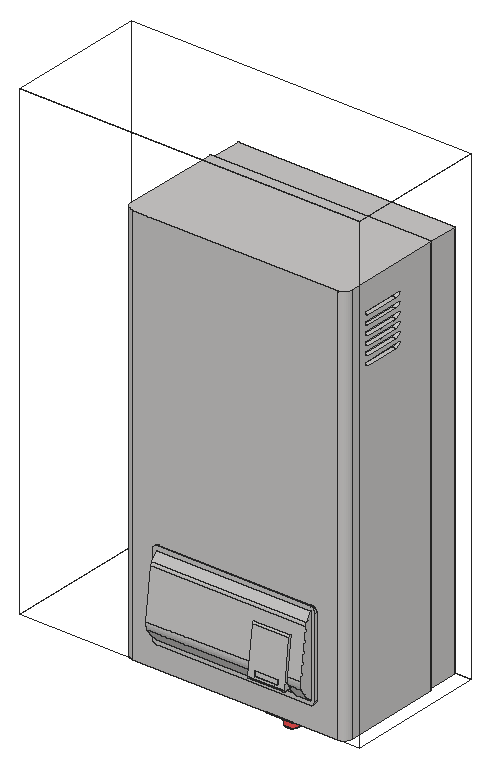
Revit family "Specialty Equipment_Boiling Unit_Zip_On-Wall_Hydroboil", category Specialty Equipment, Revit 2015
Parameters (values of type "7.5 Litre Stainless Steel")
  URL = "https://www.zipwater.com/"
  Type Comments = "7.5 Litre Stainless Steel"
  Required Space = yes
  ModifiedIssue_ANZRS = 20170718  # constant formula
  Model = "Hydroboil - 7.5 Litre Stainless Steel"
  Manufacturer_URL__Product Specific = "https://www.zipwater.com/shop/on-wall-boiling/hydroboil-7-5-litre-stainless-steel-307061"
  Manufacturer_Spec Code = "307061"
  Manufacturer_Overall Width = 318 mm
  Manufacturer_Overall Height = 578 mm
  Manufacturer_Overall Depth = 201 mm
  Manufacturer_Height From FFL [instance] = 900 mm
  Manufacturer = "Zip Australia"  # constant formula
  Body Material = z_Zip_Stainless Steel
  Description = "Wall mounted instant boiling water appliance with integrates 0.2 micron MicroPurity™ filtration. The Hydroboil® employs twin chamber boiling water steam-heat-boost™ technology to recycle energy from steam to pre-heat the incoming cold water. The Hydroboil® has inbuilt self-calibration technology, utilises highly accurate electronic temperature control, G4 energy management and recovery technology and incorporates a programmable digital touch-screen display with 3 energy saving modes. The main boiling water tank is constructed from the highest quality 444 grade Stainless Steel and wrapped with high performance insulation to ensure the healthiest water and optimum efficiency. The Hydroboil® is equipped with a two-way cool-touch safety tap. *Stainless Steel products are made to order (MTO) please see our Terms of Business page for details on MTO products"
  CreatedBy_ANZRS = "UNIFI Labs"  # constant formula
  CreatedByURL_ANZRS = "http://www.unifilabs.com/"
  Tap Material = z_Zip_Red
Reference planes
  plane 1 "Ref. Level": z = 0
  plane 2 "Center (Left/Right)": x = 1
  plane 3 "Right": x = 160
  plane 4 "Left": x = -158
  plane 5 "Bottom": z = 900
  plane 6 "Bottom of Filter": z = 880
  plane 7 "Front": y = -85.5
  plane 8 "Top": z = 1478
  plane 9 "Back": y = 115.5
  plane 10 "Center (Front/Back)": y = 15
  plane 11 "Filter Front": y = -110.5
  plane 12 "Filter Centerline": x = -113
Forms (mm)
  Extrusion 1, solid, material "z_Zip_Stainless Steel" <- "Body Material", detail levels medium+fine
    sketch origin (0, 0, 1478) x (0, 1, 0) y (-1, 0, 0)
      loop
        arc (115.5, 153.5) -> (115.061, 154.561) -> (114, 155) r 1.5
        line (114, 155) -> (68.5, 155) -> (68.5, -157) -> (114, -157)
        arc (114, -157) -> (115.061, -156.561) -> (115.5, -155.5) r 1.5
        line (115.5, -155.5) -> (115.5, 153.5)
    from -578 to -3
  Extrusion 2, solid, material "z_Zip_Stainless Steel" <- "Body Material", detail levels medium+fine
    sketch origin (0, 0, 900) x (-1, 0, 0) y (0, -1, 0)
      loop
        arc (158, 73.5) -> (154.485, 81.985) -> (146, 85.5) r 12
        line (146, 85.5) -> (-148, 85.5)
        arc (-148, 85.5) -> (-156.485, 81.985) -> (-160, 73.5) r 12
        line (-160, 73.5) -> (-160, -67)
        arc (-160, -67) -> (-159.561, -68.061) -> (-158.5, -68.5) r 1.5
        line (-158.5, -68.5) -> (156.5, -68.5)
        arc (156.5, -68.5) -> (157.561, -68.061) -> (158, -67) r 1.5
        line (158, -67) -> (158, 73.5)
    from 0 to 578
  Revolve 3, solid, material "z_Zip_Stainless Steel" <- "Body Material", detail levels medium+fine
    sketch origin (-113, 0, 0) x (0, -1, 0) y (0, 0, 1)
      loop
        line (-15, 880) -> (18.979, 880)
        arc (18.979, 880) -> (23.236, 881.764) -> (25, 886.021) r 6.021
        line (25, 886.021) -> (25, 900) -> (-15, 900) -> (-15, 880)
      axis (-15, 880) -> (-15, 900)
    angle from 0 to 360
  Extrusion 4, void
    sketch origin (-158, 0, 0) x (0, -1, 0) y (0, 0, 1)
      loop
        arc (-13.41, 1440.351) -> (-11.213, 1435.048) -> (-5.91, 1432.851) r 7.5
        line (-5.91, 1432.851) -> (44.133, 1432.851)
        arc (44.133, 1432.851) -> (49.436, 1435.048) -> (51.633, 1440.351) r 7.5
        line (51.633, 1440.351) -> (-13.41, 1440.351)
      loop
        arc (-13.41, 1427.201) -> (-11.213, 1421.898) -> (-5.91, 1419.701) r 7.5
        line (-5.91, 1419.701) -> (44.133, 1419.701)
        arc (44.133, 1419.701) -> (49.436, 1421.898) -> (51.633, 1427.201) r 7.5
        line (51.633, 1427.201) -> (-13.41, 1427.201)
      loop
        arc (-13.41, 1414.163) -> (-11.213, 1408.86) -> (-5.91, 1406.663) r 7.5
        line (-5.91, 1406.663) -> (44.133, 1406.663)
        arc (44.133, 1406.663) -> (49.436, 1408.86) -> (51.633, 1414.163) r 7.5
        line (51.633, 1414.163) -> (-13.41, 1414.163)
      loop
        arc (-13.41, 1401.239) -> (-11.213, 1395.936) -> (-5.91, 1393.739) r 7.5
        line (-5.91, 1393.739) -> (44.133, 1393.739)
        arc (44.133, 1393.739) -> (49.436, 1395.936) -> (51.633, 1401.239) r 7.5
        line (51.633, 1401.239) -> (-13.41, 1401.239)
      loop
        arc (-13.41, 1388.343) -> (-11.213, 1383.04) -> (-5.91, 1380.843) r 7.5
        line (-5.91, 1380.843) -> (44.133, 1380.843)
        arc (44.133, 1380.843) -> (49.436, 1383.04) -> (51.633, 1388.343) r 7.5
        line (51.633, 1388.343) -> (-13.41, 1388.343)
      loop
        arc (-13.41, 1375.249) -> (-11.213, 1369.945) -> (-5.91, 1367.749) r 7.5
        line (-5.91, 1367.749) -> (44.133, 1367.749)
        arc (44.133, 1367.749) -> (49.436, 1369.945) -> (51.633, 1375.249) r 7.5
        line (51.633, 1375.249) -> (-13.41, 1375.249)
    from -6.5 to 0
  Extrusion 5, void
    sketch origin (160, 0, 0) x (0, 0, -1) y (0, -1, 0)
      loop
        arc (-1440.351, -13.41) -> (-1435.048, -11.213) -> (-1432.851, -5.91) r 7.5
        line (-1432.851, -5.91) -> (-1432.851, 44.133)
        arc (-1432.851, 44.133) -> (-1435.048, 49.436) -> (-1440.351, 51.633) r 7.5
        line (-1440.351, 51.633) -> (-1440.351, -13.41)
      loop
        arc (-1427.201, -13.41) -> (-1421.898, -11.213) -> (-1419.701, -5.91) r 7.5
        line (-1419.701, -5.91) -> (-1419.701, 44.133)
        arc (-1419.701, 44.133) -> (-1421.898, 49.436) -> (-1427.201, 51.633) r 7.5
        line (-1427.201, 51.633) -> (-1427.201, -13.41)
      loop
        arc (-1414.163, -13.41) -> (-1408.86, -11.213) -> (-1406.663, -5.91) r 7.5
        line (-1406.663, -5.91) -> (-1406.663, 44.133)
        arc (-1406.663, 44.133) -> (-1408.86, 49.436) -> (-1414.163, 51.633) r 7.5
        line (-1414.163, 51.633) -> (-1414.163, -13.41)
      loop
        arc (-1401.239, -13.41) -> (-1395.936, -11.213) -> (-1393.739, -5.91) r 7.5
        line (-1393.739, -5.91) -> (-1393.739, 44.133)
        arc (-1393.739, 44.133) -> (-1395.936, 49.436) -> (-1401.239, 51.633) r 7.5
        line (-1401.239, 51.633) -> (-1401.239, -13.41)
      loop
        arc (-1388.343, -13.41) -> (-1383.04, -11.213) -> (-1380.843, -5.91) r 7.5
        line (-1380.843, -5.91) -> (-1380.843, 44.133)
        arc (-1380.843, 44.133) -> (-1383.04, 49.436) -> (-1388.343, 51.633) r 7.5
        line (-1388.343, 51.633) -> (-1388.343, -13.41)
      loop
        arc (-1375.249, -13.41) -> (-1369.945, -11.213) -> (-1367.749, -5.91) r 7.5
        line (-1367.749, -5.91) -> (-1367.749, 44.133)
        arc (-1367.749, 44.133) -> (-1369.945, 49.436) -> (-1375.249, 51.633) r 7.5
        line (-1375.249, 51.633) -> (-1375.249, -13.41)
    from 6.5 to 0
  Extrusion 6, void
    sketch origin (0, 115.5, 0) x (-1, 0, 0) y (0, 0, 1)
      loop
        arc (76.077, 1226.504) -> (78.273, 1221.201) -> (83.577, 1219.004) r 7.5
        line (83.577, 1219.004) -> (133.619, 1219.004)
        arc (133.619, 1219.004) -> (138.923, 1221.201) -> (141.119, 1226.504) r 7.5
        line (141.119, 1226.504) -> (76.077, 1226.504)
      loop
        arc (76.077, 1213.354) -> (78.273, 1208.05) -> (83.577, 1205.854) r 7.5
        line (83.577, 1205.854) -> (133.619, 1205.854)
        arc (133.619, 1205.854) -> (138.923, 1208.05) -> (141.119, 1213.354) r 7.5
        line (141.119, 1213.354) -> (76.077, 1213.354)
      loop
        arc (76.077, 1200.316) -> (78.273, 1195.012) -> (83.577, 1192.816) r 7.5
        line (83.577, 1192.816) -> (133.619, 1192.816)
        arc (133.619, 1192.816) -> (138.923, 1195.012) -> (141.119, 1200.316) r 7.5
        line (141.119, 1200.316) -> (76.077, 1200.316)
      loop
        arc (76.077, 1187.392) -> (78.273, 1182.088) -> (83.577, 1179.892) r 7.5
        line (83.577, 1179.892) -> (133.619, 1179.892)
        arc (133.619, 1179.892) -> (138.923, 1182.088) -> (141.119, 1187.392) r 7.5
        line (141.119, 1187.392) -> (76.077, 1187.392)
      loop
        arc (76.077, 1174.496) -> (78.273, 1169.192) -> (83.577, 1166.996) r 7.5
        line (83.577, 1166.996) -> (133.619, 1166.996)
        arc (133.619, 1166.996) -> (138.923, 1169.192) -> (141.119, 1174.496) r 7.5
        line (141.119, 1174.496) -> (76.077, 1174.496)
      loop
        arc (76.077, 1161.401) -> (78.273, 1156.098) -> (83.577, 1153.901) r 7.5
        line (83.577, 1153.901) -> (133.619, 1153.901)
        arc (133.619, 1153.901) -> (138.923, 1156.098) -> (141.119, 1161.401) r 7.5
        line (141.119, 1161.401) -> (76.077, 1161.401)
    from 0 to -3.9
  Extrusion 7, solid, detail levels medium+fine
    sketch origin (0, 115.5, 0) x (-1, 0, 0) y (0, 0, 1)
      loop
        circle (-101, 1465.292) r 2.5
    from 0 to 5
  Extrusion 8, solid, material "z_Zip_Required Space", visible <- "Required Space"
    sketch origin (0, 0, 1478) x (0, 1, 0) y (-1, 0, 0)
      loop
        line (115.5, 308) -> (-85.5, 308) -> (-85.5, -180) -> (115.5, -180) -> (115.5, 308)
    from 100 to -578
  Extrusion 9, solid, detail levels medium+fine
    sketch origin (0, 0, 900) x (-1, 0, 0) y (0, -1, 0)
      loop
        circle (113, -99.5) r 6.35
    from 0 to -10
  Extrusion 10, solid, detail levels medium+fine
    sketch origin (0, 115.5, 0) x (-1, 0, 0) y (0, 0, 1)
      loop
        circle (58, 1000) r 6.35
    from 0 to 5
  Extrusion 11, solid, detail levels coarse
    sketch origin (0, 0, 900) x (-1, 0, 0) y (0, -1, 0)
      loop
        line (158, -115.5) -> (158, 85.5) -> (-160, 85.5) -> (-160, -115.5) -> (158, -115.5)
    from 0 to 578
  Extrusion 12, solid, material "z_Zip_Stainless Steel" <- "Body Material", detail levels medium+fine
    sketch origin (0, -85.5, 10) x (-1, 0, 0) y (0, 0, 1)
      loop
        arc (116, 1042.694) -> (113.803, 1047.997) -> (108.5, 1050.194) r 7.5
        line (108.5, 1050.194) -> (-110.5, 1050.194)
        arc (-110.5, 1050.194) -> (-115.803, 1047.997) -> (-118, 1042.694) r 7.5
        line (-118, 1042.694) -> (-118, 929.961)
        arc (-118, 929.961) -> (-115.803, 924.658) -> (-110.5, 922.461) r 7.5
        line (-110.5, 922.461) -> (108.5, 922.461)
        arc (108.5, 922.461) -> (113.803, 924.658) -> (116, 929.961) r 7.5
        line (116, 929.961) -> (116, 1042.694)
    from 0 to -2.5
Cuts and joins
  Extrusion 4, Extrusion 5 cuts Extrusion 2
  Extrusion 6 cuts Extrusion 1
Lines and regions (mm)
  Masking region 1
    outline origin (0, 0, 0) x (1, 0, 0) y (0, 1, 0)
      loop
        arc (-158, -73.5) -> (-154.485, -81.985) -> (-146, -85.5) r 12
        line (-146, -85.5) -> (148, -85.5)
        arc (148, -85.5) -> (156.485, -81.985) -> (160, -73.5) r 12
        line (160, -73.5) -> (160, 67)
        arc (160, 67) -> (159.561, 68.061) -> (158.5, 68.5) r 1.5
        line (158.5, 68.5) -> (157, 68.5) -> (157, 114)
        arc (157, 114) -> (156.561, 115.061) -> (155.5, 115.5) r 1.5
        line (155.5, 115.5) -> (-153.5, 115.5)
        arc (-153.5, 115.5) -> (-154.561, 115.061) -> (-155, 114) r 1.5
        line (-155, 114) -> (-155, 68.5) -> (-156.5, 68.5)
        arc (-156.5, 68.5) -> (-157.561, 68.061) -> (-158, 67) r 1.5
        line (-158, 67) -> (-158, -73.5)
  Masking region 2, detail levels medium+fine
    outline origin (0, -235, 0) x (-1, 0, 0) y (0, 0, 1)
      loop
        line (158, 1478) -> (-160, 1478) -> (-160, 900) -> (73, 900) -> (73, 886)
        arc (73, 886) -> (74.757, 881.757) -> (79, 880) r 6
        line (79, 880) -> (147, 880)
        arc (147, 880) -> (151.243, 881.757) -> (153, 886) r 6
        line (153, 886) -> (153, 900) -> (158, 900) -> (158, 1478)
      loop
        arc (121, 1052.5) -> (117.339, 1061.339) -> (108.5, 1065) r 12.5
        line (108.5, 1065) -> (-110.5, 1065)
        arc (-110.5, 1065) -> (-119.339, 1061.339) -> (-123, 1052.5) r 12.5
        line (-123, 1052.5) -> (-123, 939.956)
        arc (-123, 939.956) -> (-119.339, 931.117) -> (-110.5, 927.456) r 12.5
        line (-110.5, 927.456) -> (108.5, 927.456)
        arc (108.5, 927.456) -> (117.339, 931.117) -> (121, 939.956) r 12.5
        line (121, 939.956) -> (121, 1052.5)
  Masking region 3
    outline origin (-158, 0, 0) x (0, -1, 0) y (0, 0, 1)
      loop
        line (-115.5, 900) -> (-55, 900) -> (-55, 886)
        arc (-55, 886) -> (-53.243, 881.757) -> (-49, 880) r 6
        line (-49, 880) -> (19, 880)
        arc (19, 880) -> (23.243, 881.757) -> (25, 886) r 6
        line (25, 886) -> (25, 900) -> (85.5, 900) -> (85.5, 932.461) -> (88, 932.461) -> (88, 1060.194) -> (85.5, 1060.194) -> (85.5, 1478) -> (-68.5, 1478) -> (-68.5, 1475) -> (-115.5, 1475) -> (-115.5, 900)
  Masking region 4, detail levels coarse+medium
    outline origin (0, 115.5, 0) x (-1, 0, 0) y (0, 0, 1)
      loop
        line (158, 1478) -> (-160, 1478) -> (-160, 900) -> (73, 900) -> (73, 886)
        arc (73, 886) -> (74.757, 881.757) -> (79, 880) r 6
        line (79, 880) -> (147, 880)
        arc (147, 880) -> (151.243, 881.757) -> (153, 886) r 6
        line (153, 886) -> (153, 900) -> (158, 900) -> (158, 1478)
  symbolic lines, style "Appliances", detail levels medium+fine
    curve 1: line (-155, 68.5, 0) -> (157, 68.5, 0)
    curve 26: line (-158, 68.5, 900) -> (-158, 68.5, 1475)
    curve 27: line (-158, 68.5, 900) -> (-158, -85.5, 900)
    curve 40: line (-153, 115.5, 900) -> (-73, 115.5, 900)
  symbolic lines, style "Appliances", detail levels fine
    curve 2: line (-158, 13.41, 1440.351) -> (-158, -51.633, 1440.351)
    curve 3: arc (-158, -51.633, 1440.351) -> (-158, -49.436, 1435.048) -> (-158, -44.133, 1432.851) r 7.5
    curve 4: line (-158, -44.133, 1432.851) -> (-158, 5.91, 1432.851)
    curve 5: arc (-158, 5.91, 1432.851) -> (-158, 11.213, 1435.048) -> (-158, 13.41, 1440.351) r 7.5
    curve 6: line (-158, 13.41, 1427.201) -> (-158, -51.633, 1427.201)
    curve 7: arc (-158, -51.633, 1427.201) -> (-158, -49.436, 1421.898) -> (-158, -44.133, 1419.701) r 7.5
    curve 8: line (-158, -44.133, 1419.701) -> (-158, 5.91, 1419.701)
    curve 9: arc (-158, 5.91, 1419.701) -> (-158, 11.213, 1421.898) -> (-158, 13.41, 1427.201) r 7.5
    curve 10: line (-158, 13.41, 1414.163) -> (-158, -51.633, 1414.163)
    curve 11: arc (-158, -51.633, 1414.163) -> (-158, -49.436, 1408.86) -> (-158, -44.133, 1406.663) r 7.5
    curve 12: line (-158, -44.133, 1406.663) -> (-158, 5.91, 1406.663)
    curve 13: arc (-158, 5.91, 1406.663) -> (-158, 11.213, 1408.86) -> (-158, 13.41, 1414.163) r 7.5
    curve 14: line (-158, 13.41, 1401.239) -> (-158, -51.633, 1401.239)
    curve 15: arc (-158, -51.633, 1401.239) -> (-158, -49.436, 1395.936) -> (-158, -44.133, 1393.739) r 7.5
    curve 16: line (-158, -44.133, 1393.739) -> (-158, 5.91, 1393.739)
    curve 17: arc (-158, 5.91, 1393.739) -> (-158, 11.213, 1395.936) -> (-158, 13.41, 1401.239) r 7.5
    curve 18: line (-158, 13.41, 1388.343) -> (-158, -51.633, 1388.343)
    curve 19: arc (-158, -51.633, 1388.343) -> (-158, -49.436, 1383.04) -> (-158, -44.133, 1380.843) r 7.5
    curve 20: line (-158, -44.133, 1380.843) -> (-158, 5.91, 1380.843)
    curve 21: arc (-158, 5.91, 1380.843) -> (-158, 11.213, 1383.04) -> (-158, 13.41, 1388.343) r 7.5
    curve 22: line (-158, 13.41, 1375.249) -> (-158, -51.633, 1375.249)
    curve 23: arc (-158, -51.633, 1375.249) -> (-158, -49.436, 1369.945) -> (-158, -44.133, 1367.749) r 7.5
    curve 24: line (-158, -44.133, 1367.749) -> (-158, 5.91, 1367.749)
    curve 25: arc (-158, 5.91, 1367.749) -> (-158, 11.213, 1369.945) -> (-158, 13.41, 1375.249) r 7.5
  symbolic lines, style "Required Space"
    curve 28: line (-308, 15, 1578) -> (180, 15, 1578)
    curve 29: line (-308, 15, 900) -> (-308, 15, 1578)
    curve 30: line (180, 15, 900) -> (-308, 15, 900)
    curve 31: line (180, 15, 1578) -> (180, 15, 900)
    curve 32: line (1, -85.5, 1578) -> (1, 115.5, 1578)
    curve 33: line (1, -85.5, 900) -> (1, -85.5, 1578)
    curve 34: line (1, 115.5, 900) -> (1, -85.5, 900)
    curve 35: line (1, 115.5, 1578) -> (1, 115.5, 900)
    curve 36: line (-308, 115.5, 0) -> (180, 115.5, 0)
    curve 37: line (-308, -85.5, 0) -> (-308, 115.5, 0)
    curve 38: line (180, -85.5, 0) -> (-308, -85.5, 0)
    curve 39: line (180, 115.5, 0) -> (180, -85.5, 0)
  symbolic lines, detail levels medium+fine
    curve 41: line (-158, -85.5, 1060.194) -> (-158, -85.5, 932.461)
Dimensions and locks
  "Manufacturer_Overall Width": plane 4 "Left" to plane 3 "Right"
  equal spacing: plane 4 "Left", plane 2 "Center (Left/Right)", plane 3 "Right"
  "Manufacturer_Height From FFL": plane 5 "Bottom" to plane 1 "Ref. Level"
  "Manufacturer_Overall Height": plane 8 "Top" to plane 5 "Bottom"
  "Manufacturer_Overall Depth": plane 9 "Back" to plane 7 "Front"
  equal spacing: plane 9 "Back", plane 10 "Center (Front/Back)", plane 7 "Front"
  Extrusion 1 sketch curve to plane 3 "Right" = 3 mm
  plane 4 "Left" to Extrusion 1 sketch curve = 3 mm
  locked: plane 7 "Front" to plane 11 "Filter Front" at 25
  plane 6 "Bottom of Filter" to plane 5 "Bottom" = 20 mm
  locked: plane 4 "Left" to plane 12 "Filter Centerline" at 45
  radius of Extrusion 1 sketch curve = 1.5 mm  (x2)
  radius of Extrusion 2 sketch curve = 1.5 mm  (x2)
  radius of Extrusion 2 sketch curve = 12 mm  (x2)
  radius of Masking region 1 sketch curve = 12 mm  (x2)
  radius of Masking region 1 sketch curve = 1.5 mm  (x4)
  aligned and locked: Extrusion 1 sketch curve to plane 9 "Back"
  aligned and locked: plane 8 "Top" to Extrusion 2
  aligned and locked: plane 7 "Front" to nested 1
  aligned and locked: plane 4 "Left" to Masking region 2 sketch curve
  aligned and locked: Masking region 2 sketch curve to plane 3 "Right"
  aligned and locked: plane 8 "Top" to Masking region 2 sketch curve
  aligned and locked: Masking region 2 sketch curve to plane 5 "Bottom"
  aligned and locked: plane 4 "Left" to Masking region 1 sketch curve
  aligned and locked: Masking region 1 sketch curve to plane 7 "Front"
  aligned and locked: Masking region 1 sketch curve to plane 3 "Right"
  aligned and locked: plane 9 "Back" to Masking region 1 sketch curve
  aligned and locked: Extrusion 8 to plane 5 "Bottom"
  aligned and locked: plane 5 "Bottom" to nested 1
  aligned and locked: cut or joined group of Extrusion 2, Extrusion 4, Extrusion 5 to plane 7 "Front"
  aligned and locked: Masking region 2 to nested 1  (x2)
  aligned and locked: plane 2 "Center (Left/Right)" to nested 1
  aligned and locked: Masking region 1 to plane 7 "Front"
  aligned and locked: cut or joined group of Extrusion 1, Extrusion 6 to plane 5 "Bottom"
  aligned and locked: Masking region 4 sketch curve to cut or joined group of Extrusion 2, Extrusion 4, Extrusion 5  (x4)
  aligned and locked: Extrusion 11 sketch curve to nested 1  (x3)
  aligned and locked: plane 3 "Right" to Extrusion 11 sketch curve
  aligned and locked: plane 8 "Top" to Extrusion 11
  aligned and locked: curve 41 to Masking region 3
  aligned and locked: Masking region 3 to curve 41
Automatic sketch dimensions
  Extrusion 2 sketch curve to plane 3 "Right" = 0 mm
  Extrusion 2 sketch curve to plane 7 "Front" = 0 mm
  Extrusion 2 sketch curve to plane 4 "Left" = 0 mm
  Extrusion 2 sketch curve to plane 9 "Back" = 48.5 mm
  Revolve 3 sketch curve to plane 6 "Bottom of Filter" = 0 mm  (x2)
  Revolve 3 sketch curve to plane 10 "Center (Front/Back)" = 0 mm  (x2)
  Revolve 3 sketch curve to Revolve 3 sketch curve = 33.979 mm
  plane 6 "Bottom of Filter" to Revolve 3 sketch curve = 6.021 mm
  Extrusion 6 sketch curve to plane 12 "Filter Centerline" = 36.923 mm  (x2)
  Extrusion 6 sketch curve to Extrusion 6 sketch curve = 0 mm  (x9)
  Extrusion 6 sketch curve to Extrusion 6 sketch curve = 7.5 mm  (x4)
  plane 12 "Filter Centerline" to Extrusion 6 sketch curve = 20.619 mm  (x3)
  Extrusion 6 sketch curve to Extrusion 6 sketch curve = 5.595 mm
  Extrusion 6 sketch curve to Extrusion 6 sketch curve = 5.396 mm
  Extrusion 6 sketch curve to Extrusion 6 sketch curve = 5.424 mm
  Extrusion 6 sketch curve to Extrusion 6 sketch curve = 5.538 mm
  Extrusion 6 sketch curve to Extrusion 6 sketch curve = 5.65 mm
  Extrusion 7 sketch curve to plane 8 "Top" = 12.708 mm
  Extrusion 4 sketch curve to plane 10 "Center (Front/Back)" = 1.59 mm  (x6)
  Extrusion 4 sketch curve to plane 10 "Center (Front/Back)" = 9.09 mm  (x2)
  Extrusion 4 sketch curve to Extrusion 4 sketch curve = 7.5 mm  (x2)
  Extrusion 4 sketch curve to Extrusion 4 sketch curve = 0 mm  (x7)
  Extrusion 4 sketch curve to plane 8 "Top" = 110.251 mm
  Extrusion 4 sketch curve to Extrusion 4 sketch curve = 5.595 mm
  Extrusion 4 sketch curve to Extrusion 4 sketch curve = 5.396 mm
  Extrusion 4 sketch curve to Extrusion 4 sketch curve = 5.424 mm
  Extrusion 4 sketch curve to Extrusion 4 sketch curve = 5.538 mm
  Extrusion 4 sketch curve to Extrusion 4 sketch curve = 5.65 mm
  Extrusion 5 sketch curve to plane 10 "Center (Front/Back)" = 1.59 mm  (x6)
  Extrusion 5 sketch curve to plane 8 "Top" = 37.649 mm
  Extrusion 5 sketch curve to Extrusion 5 sketch curve = 7.5 mm  (x6)
  Extrusion 5 sketch curve to Extrusion 5 sketch curve = 5.65 mm
  Extrusion 5 sketch curve to Extrusion 5 sketch curve = 5.538 mm
  Extrusion 5 sketch curve to Extrusion 5 sketch curve = 5.424 mm
  Extrusion 5 sketch curve to Extrusion 5 sketch curve = 5.396 mm
  Extrusion 5 sketch curve to Extrusion 5 sketch curve = 5.595 mm
  Extrusion 5 sketch curve to Extrusion 5 sketch curve = 0 mm  (x5)
  Masking region 1 sketch curve to Masking region 1 sketch curve = 1.5 mm  (x2)
  Masking region 1 sketch curve to Masking region 1 sketch curve = 47 mm  (x2)
  plane 11 "Filter Front" to Extrusion 8 sketch curve = 25 mm
  Extrusion 8 sketch curve to plane 9 "Back" = 0 mm
  Extrusion 8 sketch curve to plane 3 "Right" = 20 mm
  plane 4 "Left" to Extrusion 8 sketch curve = 150 mm
  Revolve 3 sketch curve to plane 5 "Bottom" = 0 mm
  Revolve 3 sketch curve to Revolve 3 sketch curve = 38.213 mm
  plane 5 "Bottom" to Extrusion 6 sketch curve = 253.901 mm
  plane 7 "Front" to Extrusion 4 sketch curve = 41.367 mm
  plane 7 "Front" to Extrusion 5 sketch curve = 41.367 mm
  Extrusion 1 sketch curve to Extrusion 1 sketch curve = 45.5 mm
  plane 3 "Right" to Extrusion 7 sketch curve = 59 mm
  curve 30 to plane 5 "Bottom" = 0 mm
  curve 28 to plane 3 "Right" = 20 mm
  plane 4 "Left" to curve 30 = 150 mm
  plane 8 "Top" to curve 29 = 100 mm
  curve 34 to plane 5 "Bottom" = 0 mm
  curve 34 to plane 7 "Front" = 0 mm
  curve 34 to plane 9 "Back" = 0 mm
  plane 8 "Top" to curve 33 = 100 mm
  curve 38 to plane 7 "Front" = 0 mm
  curve 36 to plane 9 "Back" = 0 mm
  plane 4 "Left" to curve 38 = 150 mm
  curve 38 to plane 3 "Right" = 20 mm
  curve 1 to plane 4 "Left" = 3 mm
  plane 3 "Right" to curve 1 = 3 mm
  curve 1 to plane 9 "Back" = 47 mm
  Extrusion 9 sketch curve to plane 12 "Filter Centerline" = 0 mm
  Extrusion 9 sketch curve to plane 9 "Back" = 16 mm
  Extrusion 10 sketch curve to plane 12 "Filter Centerline" = 55 mm
  plane 5 "Bottom" to Extrusion 10 sketch curve = 100 mm
  Masking region 2 sketch curve to plane 6 "Bottom of Filter" = 0 mm
  plane 3 "Right" to Masking region 2 sketch curve = 37 mm
  Masking region 2 sketch curve to Masking region 2 sketch curve = 12.5 mm  (x2)
  Masking region 2 sketch curve to plane 12 "Filter Centerline" = 40 mm
  Masking region 2 sketch curve to plane 12 "Filter Centerline" = 4.5 mm  (x2)
  plane 12 "Filter Centerline" to Masking region 2 sketch curve = 8 mm
  Masking region 2 sketch curve to plane 4 "Left" = 11 mm
  plane 5 "Bottom" to Masking region 2 sketch curve = 27.456 mm
  Masking region 2 sketch curve to Masking region 2 sketch curve = 112.544 mm
  Masking region 2 sketch curve to plane 4 "Left" = 5 mm
  Masking region 2 sketch curve to Masking region 2 sketch curve = 6 mm
  Masking region 2 sketch curve to plane 5 "Bottom" = 0 mm
  curve 40 to plane 5 "Bottom" = 0 mm
  curve 40 to plane 12 "Filter Centerline" = 40 mm
  curve 40 to plane 4 "Left" = 5 mm
  Masking region 4 sketch curve to plane 6 "Bottom of Filter" = 0 mm
  plane 6 "Bottom of Filter" to Masking region 4 sketch curve = 6 mm
  Masking region 4 sketch curve to plane 12 "Filter Centerline" = 40 mm
  Masking region 4 sketch curve to plane 4 "Left" = 11 mm
  Masking region 4 sketch curve to Masking region 4 sketch curve = 5 mm
  Masking region 4 sketch curve to plane 5 "Bottom" = 0 mm
  plane 3 "Right" to Extrusion 12 sketch curve = 42 mm
  Extrusion 12 sketch curve to Extrusion 12 sketch curve = 7.5 mm  (x2)
  Extrusion 12 sketch curve to plane 12 "Filter Centerline" = 4.5 mm  (x2)
  plane 12 "Filter Centerline" to Extrusion 12 sketch curve = 3 mm
  plane 5 "Bottom" to Extrusion 12 sketch curve = 32.461 mm
  Extrusion 12 sketch curve to Extrusion 12 sketch curve = 112.733 mm
  Masking region 3 sketch curve to plane 5 "Bottom" = 0 mm  (x2)
  Masking region 3 sketch curve to plane 9 "Back" = 0 mm
  Masking region 3 sketch curve to plane 8 "Top" = 0 mm
  Masking region 3 sketch curve to plane 6 "Bottom of Filter" = 0 mm
  Masking region 3 sketch curve to plane 7 "Front" = 0 mm  (x2)
  Masking region 3 sketch curve to plane 8 "Top" = 3 mm
  Masking region 3 sketch curve to Masking region 3 sketch curve = 47 mm
  plane 6 "Bottom of Filter" to Masking region 3 sketch curve = 6 mm  (x2)
  plane 10 "Center (Front/Back)" to Masking region 3 sketch curve = 40 mm
  Masking region 3 sketch curve to plane 10 "Center (Front/Back)" = 34 mm
  Masking region 3 sketch curve to Masking region 3 sketch curve = 2.5 mm
  plane 5 "Bottom" to Masking region 3 sketch curve = 32.461 mm
  Masking region 3 sketch curve to Masking region 3 sketch curve = 127.733 mm
  curve 26 to plane 5 "Bottom" = 0 mm
  curve 41 to plane 7 "Front" = 0 mm
  curve 27 to plane 7 "Front" = 0 mm
  plane 7 "Front" to curve 14 = 33.867 mm
  plane 7 "Front" to curve 2 = 33.867 mm
  curve 10 to curve 14 = 0 mm
  curve 6 to curve 11 = 0 mm
  curve 18 to curve 14 = 0 mm
  curve 22 to curve 18 = 0 mm
  curve 4 to curve 7 = 7.5 mm
  curve 15 to curve 14 = 7.5 mm
  curve 20 to curve 22 = 7.5 mm
  curve 23 to curve 19 = 0 mm
  curve 11 to curve 10 = 7.5 mm
  curve 8 to curve 11 = 0 mm
  curve 24 to plane 10 "Center (Front/Back)" = 9.09 mm
  curve 16 to plane 10 "Center (Front/Back)" = 9.09 mm
  curve 13 to plane 10 "Center (Front/Back)" = 9.09 mm
  curve 4 to plane 10 "Center (Front/Back)" = 9.09 mm
  curve 20 to curve 25 = 0 mm
  curve 9 to curve 5 = 0 mm
  curve 27 to plane 9 "Back" = 47 mm
  curve 24 to plane 8 "Top" = 110.251 mm
  curve 23 to curve 20 = 5.595 mm
  curve 19 to curve 16 = 5.396 mm
  curve 15 to curve 12 = 5.424 mm
  curve 11 to curve 8 = 5.538 mm
  curve 7 to curve 4 = 5.65 mm
  curve 26 to plane 8 "Top" = 3 mm
  radius of Extrusion 7 sketch curve = 2.5 mm
  radius of Extrusion 9 sketch curve = 6.35 mm
  radius of Extrusion 10 sketch curve = 6.35 mm
Nested families
  nested 1: "Specialty Equipment_Boiling Unit_Zip_On-Wall_Hydroboil_Water Tap" at (0, 0, 0), visible <- "Required Space", type "Type 1", detail levels fine
    with Manufacturer_Height From FFL 900 mm
Connectors
  electrical at (101, 120.5, 1465.292)
    settings: on Extrusion 7, index 1, voltage 240 V, apparent load 0 VA, apparent load phase1 0 VA, apparent load phase2 0 VA, apparent load phase3 0 VA, power factor 1, load classification "Other", number of poles 1, system type 30, power factor state 1, is connector primary yes, connector utility no, sub classification motor no, connector description "Electrical Connection"
  piping at (-113, 99.5, 890), diameter 12.7
    settings: on Extrusion 9, index 2, connector inside diameter 609.6 mm, connector length 0 mm, flow factor 0, pipe flow 0.0 L/s, pressure drop 0.0 Pa, fitting loss kfactor 0, connector angle 0.00°, fixture units 0, engagement length 0 mm, angle of deflection 0.00°, flow configuration 2, flow direction 2, fitting loss method 0, system type 17, joint type 0, gender type 0, connector reference index -1, connector utility 0, adjustable connector no, is connector primary yes, connector description "Vent Connection"
  piping at (-58, 120.5, 1000), diameter 12.7
    settings: on Extrusion 10, index 3, connector inside diameter 609.6 mm, connector length 0 mm, flow factor 0, pipe flow 0.0 L/s, pressure drop 0.0 Pa, fitting loss kfactor 0, connector angle 0.00°, fixture units 0, engagement length 0 mm, angle of deflection 0.00°, flow configuration 2, flow direction 1, fitting loss method 0, system type 20, joint type 0, gender type 0, connector reference index -1, connector utility 0, adjustable connector no, is connector primary no, connector description "Cold Water Inlet"
Definition of nested family "Specialty Equipment_Boiling Unit_Zip_On-Wall_Hydroboil_Water Tap"
  Parameters (values of type "Type 1")
    URL = "https://www.zipwater.com/"
    Type Comments = "7.5 Litre White"
    Model = "G 6620 SC"
    Manufacturer_URL__Product Specific = "https://www.zipwater.com/shop/on-wall-boiling/hydroboil-7-5-litre-white-307062"
    Manufacturer_Spec Code = Model  # "G 6620 SC"
    Manufacturer_Overall Width = 318 mm
    Manufacturer_Overall Height = 430 mm
    Manufacturer_Overall Depth = 201 mm
    Manufacturer_Height From FFL [instance] = 900 mm
    Manufacturer = "Zip Australia"  # constant formula
    Body Material = none
    Description = "Wall mounted instant boiling water appliance with integrates 0.2 micron MicroPurity™ filtration. The Hydroboil® employs twin chamber boiling water steam-heat-boost™ technology to recycle energy from steam to pre-heat the incoming cold water. The Hydroboil® has inbuilt self-calibration technology, utilises highly accurate electronic temperature control, G4 energy management and recovery technology and incorporates a programmable digital touch-screen display with 3 energy saving modes. The main boiling water tank is constructed from the highest quality 444 grade Stainless Steel and wrapped with high performance insulation to ensure the healthiest water and optimum efficiency. The Hydroboil® is equipped with a two-way cool-touch safety tap."
    CreatedBy_ANZRS = "UNIFI Labs"  # constant formula
    CreatedByURL_ANZRS = "http://www.unifilabs.com/"
    Tap Material = none
  Reference planes
    plane 1 "Ref. Level": z = 0
    plane 2 "Center (Left/Right)": x = 1
    plane 3 "Control Panel Height1": z = 925
    plane 4 "Right": x = 160
    plane 5 "Left": x = -158
    plane 6 "Bottom": z = 900
    plane 7 "Bottom of Filter": z = 880
    plane 8 "Front": y = -85.5
    plane 9 "Top": z = 1330
    plane 10 "Back": y = 115.5
    plane 11 "Center (Front/Back)": y = 15
    plane 12: y = -110.5
    plane 13 "Control Panel Height2": z = 1065
    plane 14 "Tap Centerline": y = -62.332
    plane 15 "Tap Centerline2": x = 65
    plane 16: x = -110
    plane 17: x = 112
  Forms (mm)
    Extrusion 1, solid, material <- "Body Material"
      sketch origin (0, -85.5, 10) x (-1, 0, 0) y (0, 0, 1)
        loop
          line (108.5, 1050.194) -> (-110.5, 1050.194)
          arc (-110.5, 1050.194) -> (-115.803, 1047.997) -> (-118, 1042.694) r 7.5
          line (-118, 1042.694) -> (-118, 929.961)
          arc (-118, 929.961) -> (-115.803, 924.658) -> (-110.5, 922.461) r 7.5
          line (-110.5, 922.461) -> (108.5, 922.461)
          arc (108.5, 922.461) -> (113.803, 924.658) -> (116, 929.961) r 7.5
          line (116, 929.961) -> (116, 1042.694)
          arc (116, 1042.694) -> (113.803, 1047.997) -> (108.5, 1050.194) r 7.5
      from 0 to -2.5
    Extrusion 2, solid, material <- "Body Material"
      sketch origin (1, 0, 0) x (0, 1, 0) y (0, 0, 1)
        loop
          line (-88, 1054.194) -> (-96.031, 1042.724)
          arc (-96.031, 1042.724) -> (-97.159, 1040.614) -> (-97.754, 1038.296) r 10
          line (-97.754, 1038.296) -> (-106.636, 970.967)
          arc (-106.636, 970.967) -> (-106.509, 964.909) -> (-104.574, 959.166) r 20
          arc (-104.574, 959.166) -> (-97.315, 947.991) -> (-88, 938.461) r 67.447
          line (-88, 938.461) -> (-88, 1054.194)
      from -111 to 111
    Extrusion 3, solid, material <- "Body Material"
      sketch origin (1, 0, 0) x (0, 1, 0) y (0, 0, 1)
        loop
          arc (-110.934, 953.897) -> (-110.594, 952.494) -> (-109.398, 951.686) r 2
          line (-109.398, 951.686) -> (-104.199, 950.494) -> (-100.841, 952.82)
          arc (-100.841, 952.82) -> (-102.794, 955.942) -> (-104.574, 959.166) r 67.447
          arc (-104.574, 959.166) -> (-106.509, 964.909) -> (-106.636, 970.967) r 20
          line (-106.636, 970.967) -> (-99.987, 1021.371)
          arc (-99.987, 1021.371) -> (-101.598, 1020.415) -> (-102.384, 1018.714) r 3.155
          line (-102.384, 1018.714) -> (-110.934, 953.897)
      from 39 to 91.348
    Extrusion 4, void
      sketch origin (0, -85.5, 10) x (-1, 0, 0) y (0, 0, 1)
        loop
          arc (-40, 943.32) -> (-40.146, 942.966) -> (-40.5, 942.82) r 0.5
          line (-40.5, 942.82) -> (-91.848, 942.82)
          arc (-91.848, 942.82) -> (-92.202, 942.966) -> (-92.348, 943.32) r 0.5
          line (-92.348, 943.32) -> (-92.348, 927.961)
          arc (-92.348, 927.961) -> (-92.202, 928.315) -> (-91.848, 928.461) r 0.5
          line (-91.848, 928.461) -> (-40.539, 928.461)
          arc (-40.539, 928.461) -> (-40.158, 928.303) -> (-40, 927.922) r 0.539
          line (-40, 927.922) -> (-40, 943.32)
      from 0 to -25
    Revolve 5, solid, material <- "Tap Material", detail levels fine
      sketch origin (0, -62.332, 0) x (-1, 0, 0) y (0, 0, 1)
        loop
          line (-72.25, 880) -> (-72.25, 898.5) -> (-81.2, 898.5)
          arc (-81.2, 898.5) -> (-77.822, 897.186) -> (-76.219, 893.936) r 5
          line (-76.219, 893.936) -> (-75.16, 881.826)
          arc (-75.16, 881.826) -> (-74.519, 880.525) -> (-73.167, 880) r 2
          line (-73.167, 880) -> (-72.25, 880)
        axis (-65, 880) -> (-65, 898.5)
      angle from 0 to 360
    Extrusion 6, solid, material <- "Tap Material", detail levels fine
      sketch origin (0, 0, 900) x (-1, 0, 0) y (0, -1, 0)
        loop
          arc (-46.99, 32.555) -> (-45.583, 33.138) -> (-45, 34.546) r 1.99
          line (-45, 34.546) -> (-45, 83.5)
          arc (-45, 83.5) -> (-45.586, 84.914) -> (-47, 85.5) r 2
          line (-47, 85.5) -> (-83, 85.5)
          arc (-83, 85.5) -> (-84.414, 84.914) -> (-85, 83.5) r 2
          line (-85, 83.5) -> (-85, 34.555)
          arc (-85, 34.555) -> (-84.414, 33.141) -> (-83, 32.555) r 2
          line (-83, 32.555) -> (-46.99, 32.555)
      from 0 to -1.5
    Extrusion 7, void
      sketch origin (0, -235, 0) x (-1, 0, 0) y (0, 0, 1)
        loop
          line (-48.66, 957.868) -> (-48.66, 964.369)
          arc (-48.66, 964.369) -> (-48.807, 964.723) -> (-49.16, 964.869) r 0.5
          line (-49.16, 964.869) -> (-81.848, 964.869)
          arc (-81.848, 964.869) -> (-82.202, 964.723) -> (-82.348, 964.369) r 0.5
          line (-82.348, 964.369) -> (-82.348, 957.869)
          arc (-82.348, 957.869) -> (-82.202, 957.516) -> (-81.848, 957.369) r 0.5
          line (-81.848, 957.369) -> (-49.159, 957.369)
          arc (-49.159, 957.369) -> (-48.806, 957.515) -> (-48.66, 957.868) r 0.499
        loop
          line (-49.16, 957.869) -> (-49.16, 964.369) -> (-81.848, 964.369) -> (-81.848, 957.869) -> (-49.16, 957.869)
      from 123.28 to 130.801
  Cuts and joins
    Extrusion 4, Extrusion 7 cuts Extrusion 1
    Extrusion 4, Extrusion 7 cuts Extrusion 2
    Extrusion 4, Extrusion 7 cuts Extrusion 3
    joined: Extrusion 1, Extrusion 2, Extrusion 3
    joined: Revolve 5, Extrusion 6
  Lines and regions (mm)
    Split face 1
      outline origin (112, -97.754, 1038.296) x (-1, 0, 0) y (0, -0.130787, -0.99141)
        loop
          line (199.095, 17.072) -> (199.095, 57.072) -> (102.755, 57.072) -> (102.755, 17.072) -> (199.095, 17.072)
    Masking region 1
      outline origin (0, 0, 0) x (1, 0, 0) y (0, 1, 0)
        loop
          line (-116, -85.5) -> (-116, -88) -> (-110, -88) -> (-110, -106.808) -> (38.66, -106.808) -> (38.66, -110.934) -> (92.348, -110.934) -> (92.348, -106.808) -> (112, -106.808) -> (112, -88) -> (118, -88) -> (118, -85.5) -> (-116, -85.5)
    Masking region 2
      outline origin (0, 15, 0) x (-1, 0, 0) y (0, 0, 1)
        loop
          arc (-110.5, 1065.194) -> (-119.339, 1061.533) -> (-123, 1052.694) r 12.5
          line (-123, 1052.694) -> (-123, 939.961)
          arc (-123, 939.961) -> (-119.339, 931.122) -> (-110.5, 927.461) r 12.5
          line (-110.5, 927.461) -> (108.5, 927.461)
          arc (108.5, 927.461) -> (117.339, 931.122) -> (121, 939.961) r 12.5
          line (121, 939.961) -> (121, 1052.694)
          arc (121, 1052.694) -> (117.339, 1061.533) -> (108.5, 1065.194) r 12.5
          line (108.5, 1065.194) -> (-110.5, 1065.194)
    Masking region 3, detail levels medium+fine
      outline origin (-158, 0, 0) x (0, -1, 0) y (0, 0, 1)
        loop
          line (88, 1060.194) -> (85.5, 1060.194) -> (85.5, 932.461) -> (88, 932.461) -> (88, 1060.194)
    Masking region 4, detail levels fine
      outline origin (0, 15, 0) x (-1, 0, 0) y (0, 0, 1)
        loop
          line (-45, 900) -> (-85, 900) -> (-85, 898.5) -> (-81.2, 898.5)
          arc (-81.2, 898.5) -> (-77.822, 897.186) -> (-76.219, 893.936) r 5
          line (-76.219, 893.936) -> (-75.16, 881.826)
          arc (-75.16, 881.826) -> (-74.519, 880.525) -> (-73.167, 880) r 2
          line (-73.167, 880) -> (-72.25, 880) -> (-57.75, 880) -> (-56.833, 880)
          arc (-56.833, 880) -> (-55.481, 880.525) -> (-54.84, 881.826) r 2
          line (-54.84, 881.826) -> (-53.781, 893.936)
          arc (-53.781, 893.936) -> (-52.178, 897.186) -> (-48.8, 898.5) r 5
          line (-48.8, 898.5) -> (-45, 898.5) -> (-45, 900)
    Masking region 5, detail levels fine
      outline origin (-158, 0, 0) x (0, -1, 0) y (0, 0, 1)
        loop
          line (69.512, 880) -> (70.429, 880)
          arc (70.429, 880) -> (71.78, 880.525) -> (72.421, 881.826) r 2
          line (72.421, 881.826) -> (73.481, 893.936)
          arc (73.481, 893.936) -> (75.084, 897.186) -> (78.462, 898.5) r 5
          line (78.462, 898.5) -> (85.5, 898.5) -> (85.5, 900) -> (32.555, 900) -> (32.555, 898.5) -> (46.203, 898.5)
          arc (46.203, 898.5) -> (49.581, 897.186) -> (51.184, 893.936) r 5
          line (51.184, 893.936) -> (52.243, 881.826)
          arc (52.243, 881.826) -> (52.885, 880.525) -> (54.236, 880) r 2
          line (54.236, 880) -> (69.512, 880)
    Masking region 6, detail levels fine
      outline origin (-158, 0, 0) x (0, -1, 0) y (0, 0, 1)
        loop
          line (96.031, 1042.724) -> (88, 1054.194) -> (88, 938.461)
          arc (88, 938.461) -> (94.754, 944.978) -> (100.539, 952.369) r 67.447
          line (100.539, 952.369) -> (110.5, 952.369)
          arc (110.5, 952.369) -> (110.875, 953.088) -> (110.934, 953.897) r 2
          line (110.934, 953.897) -> (102.384, 1018.714)
          arc (102.384, 1018.714) -> (101.598, 1020.415) -> (99.987, 1021.371) r 3.155
          line (99.987, 1021.371) -> (97.754, 1038.296)
          arc (97.754, 1038.296) -> (97.159, 1040.614) -> (96.031, 1042.724) r 10
    symbolic lines, detail levels fine
      curve 1: line (-110, -88, 0) -> (112, -88, 0)
      curve 2: line (38.66, -106.808, 0) -> (38.66, -99.987, 0)
      curve 3: line (38.66, -99.987, 0) -> (92.348, -99.987, 0)
      curve 4: line (92.348, -99.987, 0) -> (92.348, -106.808, 0)
      curve 5: line (48.8, 15, 898.5) -> (83, 15, 898.5)
      curve 6: line (-87.095, 15, 1021.371) -> (7.905, 15, 1021.371)
      curve 7: line (-87.095, 15, 981.715) -> (-87.095, 15, 1021.371)
      curve 8: line (7.905, 15, 981.715) -> (-87.095, 15, 981.715)
      curve 9: line (7.905, 15, 1021.371) -> (7.905, 15, 981.715)
      curve 10: line (40, 15, 1021.371) -> (92.348, 15, 1021.371)
      curve 11: line (40, 15, 932.461) -> (40, 15, 1021.371)
      curve 12: line (92.348, 15, 952.369) -> (40, 15, 952.369)
      curve 13: line (92.348, 15, 1021.371) -> (92.348, 15, 932.461)
      curve 15: line (-158, -106.636, 970.967) -> (-158, -99.987, 1021.371)
      curve 16: arc (-158, -106.636, 970.967) -> (-158, -106.509, 964.909) -> (-158, -104.574, 959.166) r 20
      curve 17: arc (-158, -104.574, 959.166) -> (-158, -102.656, 955.709) -> (-158, -100.539, 952.369) r 67.447
      curve 18: line (-158, -46.203, 898.5) -> (-158, -78.462, 898.5)
      curve 19: line (-116, 15, 939.961) -> (-116, 15, 1052.694)
      curve 20: arc (-116, 15, 1052.694) -> (-113.803, 15, 1057.997) -> (-108.5, 15, 1060.194) r 7.5
      curve 21: line (-108.5, 15, 1060.194) -> (110.5, 15, 1060.194)
      curve 22: arc (110.5, 15, 1060.194) -> (115.803, 15, 1057.997) -> (118, 15, 1052.694) r 7.5
      curve 23: line (118, 15, 1052.694) -> (118, 15, 939.961)
      curve 24: arc (118, 15, 939.961) -> (115.803, 15, 934.658) -> (110.5, 15, 932.461) r 7.5
      curve 25: line (110.5, 15, 932.461) -> (-108.5, 15, 932.461)
      curve 26: arc (-108.5, 15, 932.461) -> (-113.803, 15, 934.658) -> (-116, 15, 939.961) r 7.5
      curve 35: line (81.848, -235, 964.369) -> (49.16, -235, 964.369)
      curve 36: line (49.16, -235, 964.369) -> (49.16, -235, 957.869)
      curve 37: line (49.16, -235, 957.869) -> (81.848, -235, 957.869)
      curve 38: line (81.848, -235, 957.869) -> (81.848, -235, 964.369)
      curve 39: line (49.147, -235, 964.869) -> (81.861, -235, 964.869)
      curve 40: spline (81.861, -235, 964.869) -> (81.926, -235, 964.863) -> (81.989, -235, 964.849) -> (82.049, -235, 964.827) -> (82.107, -235, 964.797) -> (82.16, -235, 964.76) -> (82.207, -235, 964.717) -> (82.249, -235, 964.668) -> (82.284, -235, 964.615) -> (82.312, -235, 964.557) -> (82.332, -235, 964.496) -> (82.344, -235, 964.433) -> (82.348, -235, 964.369)
      curve 41: line (82.348, -235, 964.369) -> (82.348, -235, 957.869)
      curve 42: spline (82.348, -235, 957.869) -> (82.344, -235, 957.805) -> (82.332, -235, 957.742) -> (82.312, -235, 957.682) -> (82.284, -235, 957.624) -> (82.249, -235, 957.57) -> (82.207, -235, 957.521) -> (82.16, -235, 957.478) -> (82.107, -235, 957.441) -> (82.049, -235, 957.412) -> (81.989, -235, 957.39) -> (81.926, -235, 957.375) -> (81.861, -235, 957.369)
      curve 43: line (81.861, -235, 957.369) -> (49.146, -235, 957.369)
      curve 44: spline (49.146, -235, 957.369) -> (49.082, -235, 957.375) -> (49.019, -235, 957.39) -> (48.959, -235, 957.412) -> (48.901, -235, 957.441) -> (48.849, -235, 957.478) -> (48.801, -235, 957.521) -> (48.759, -235, 957.57) -> (48.724, -235, 957.623) -> (48.696, -235, 957.681) -> (48.676, -235, 957.742) -> (48.664, -235, 957.804) -> (48.66, -235, 957.868)
      curve 45: line (48.66, -235, 957.868) -> (48.66, -235, 964.369)
      curve 46: spline (48.66, -235, 964.369) -> (48.664, -235, 964.433) -> (48.676, -235, 964.496) -> (48.696, -235, 964.557) -> (48.724, -235, 964.615) -> (48.759, -235, 964.668) -> (48.801, -235, 964.717) -> (48.849, -235, 964.76) -> (48.902, -235, 964.797) -> (48.959, -235, 964.827) -> (49.02, -235, 964.849) -> (49.083, -235, 964.863) -> (49.147, -235, 964.869)
    symbolic lines, detail levels medium+fine
      curve 14: line (-158, -88, 1054.194) -> (-158, -88, 938.461)
      curve 27: line (-121, 15, 939.961) -> (-121, 15, 1052.694)
      curve 28: arc (-121, 15, 1052.694) -> (-117.339, 15, 1061.533) -> (-108.5, 15, 1065.194) r 12.5
      curve 29: line (-108.5, 15, 1065.194) -> (110.5, 15, 1065.194)
      curve 30: arc (110.5, 15, 1065.194) -> (119.339, 15, 1061.533) -> (123, 15, 1052.694) r 12.5
      curve 31: line (123, 15, 1052.694) -> (123, 15, 939.961)
      curve 32: arc (123, 15, 939.961) -> (119.339, 15, 931.122) -> (110.5, 15, 927.461) r 12.5
      curve 33: line (110.5, 15, 927.461) -> (-108.5, 15, 927.461)
      curve 34: arc (-108.5, 15, 927.461) -> (-117.339, 15, 931.122) -> (-121, 15, 939.961) r 12.5
  Dimensions and locks
    "Manufacturer_Overall Width": plane 5 "Left" to plane 4 "Right"
    equal spacing: plane 5 "Left", plane 2 "Center (Left/Right)", plane 4 "Right"
    "Manufacturer_Height From FFL": plane 6 "Bottom" to plane 1 "Ref. Level"
    "Manufacturer_Overall Height": plane 9 "Top" to plane 6 "Bottom"
    "Manufacturer_Overall Depth": plane 10 "Back" to plane 8 "Front"
    equal spacing: plane 10 "Back", plane 11 "Center (Front/Back)", plane 8 "Front"
    locked: plane 8 "Front" to plane 12 at 25
    plane 7 "Bottom of Filter" to plane 6 "Bottom" to plane 3 "Control Panel Height1" to plane 13 "Control Panel Height2" = 20 mm, 25 mm, 140 mm
    locked: plane 17 to plane 4 "Right" at 48
    locked: plane 5 "Left" to plane 16 at 48
    aligned and locked: plane 16 to cut or joined group of Extrusion 1, Extrusion 2, Extrusion 3, Extrusion 4, Extrusion 7
    aligned and locked: cut or joined group of Extrusion 1, Extrusion 2, Extrusion 3, Extrusion 4, Extrusion 7 to plane 17
    aligned and locked: Masking region 1 to plane 17
    aligned and locked: plane 16 to Masking region 1
    aligned and locked: Masking region 1 sketch curve to cut or joined group of Extrusion 1, Extrusion 2, Extrusion 3, Extrusion 4, Extrusion 7
    aligned and locked: curve 4 to cut or joined group of Extrusion 1, Extrusion 2, Extrusion 3, Extrusion 4, Extrusion 7
    aligned and locked: curve 19 to cut or joined group of Extrusion 1, Extrusion 2, Extrusion 3, Extrusion 4, Extrusion 7
    aligned and locked: curve 23 to cut or joined group of Extrusion 1, Extrusion 2, Extrusion 3, Extrusion 4, Extrusion 7
    aligned and locked: curve 21 to cut or joined group of Extrusion 1, Extrusion 2, Extrusion 3, Extrusion 4, Extrusion 7
    aligned and locked: curve 25 to cut or joined group of Extrusion 1, Extrusion 2, Extrusion 3, Extrusion 4, Extrusion 7
    aligned and locked: Masking region 2 to curve 27
    aligned and locked: Masking region 2 to curve 29
    aligned and locked: Masking region 2 to curve 33
    aligned and locked: Extrusion 3 to curve 10  (x2)
    aligned and locked: curve 35 to cut or joined group of Extrusion 1, Extrusion 2, Extrusion 3, Extrusion 4, Extrusion 7
    aligned and locked: curve 36 to cut or joined group of Extrusion 1, Extrusion 2, Extrusion 3, Extrusion 4, Extrusion 7
    aligned and locked: curve 37 to cut or joined group of Extrusion 1, Extrusion 2, Extrusion 3, Extrusion 4, Extrusion 7
    aligned and locked: curve 38 to cut or joined group of Extrusion 1, Extrusion 2, Extrusion 3, Extrusion 4, Extrusion 7
    aligned and locked: curve 39 to cut or joined group of Extrusion 1, Extrusion 2, Extrusion 3, Extrusion 4, Extrusion 7
    aligned and locked: curve 43 to cut or joined group of Extrusion 1, Extrusion 2, Extrusion 3, Extrusion 4, Extrusion 7
    aligned and locked: Extrusion 4 to Extrusion 3
    aligned and locked: Extrusion 3 to Extrusion 4
    aligned and locked: cut or joined group of Extrusion 1, Extrusion 2, Extrusion 3, Extrusion 4, Extrusion 7 to Masking region 1
  Automatic sketch dimensions
    plane 3 "Control Panel Height1" to Extrusion 1 sketch curve = 7.461 mm
    Extrusion 1 sketch curve to plane 13 "Control Panel Height2" = 4.806 mm
    plane 3 "Control Panel Height1" to Extrusion 1 sketch curve = 14.961 mm  (x2)
    plane 4 "Right" to Extrusion 1 sketch curve = 42 mm
    Extrusion 1 sketch curve to Extrusion 1 sketch curve = 7.5 mm  (x2)
    Extrusion 2 sketch curve to Extrusion 2 sketch curve = 1.723 mm
    Extrusion 2 sketch curve to plane 8 "Front" = 2.5 mm
    Extrusion 2 sketch curve to plane 8 "Front" = 2.34 mm
    Extrusion 2 sketch curve to plane 8 "Front" = 1.308 mm
    plane 14 "Tap Centerline" to Extrusion 2 sketch curve = 17.672 mm
    plane 3 "Control Panel Height1" to Extrusion 2 sketch curve = 13.461 mm
    Extrusion 2 sketch curve to Extrusion 2 sketch curve = 2.616 mm
    Extrusion 2 sketch curve to Extrusion 2 sketch curve = 21.789 mm
    Extrusion 2 sketch curve to plane 13 "Control Panel Height2" = 28.012 mm
    Extrusion 2 sketch curve to Extrusion 2 sketch curve = 1.308 mm
    Extrusion 2 sketch curve to plane 13 "Control Panel Height2" = 10.806 mm
    Extrusion 3 sketch curve to plane 12 = 0.434 mm
    plane 12 to Extrusion 3 sketch curve = 1.102 mm
    plane 12 to Extrusion 3 sketch curve = 1.548 mm
    plane 12 to Extrusion 3 sketch curve = 3.864 mm
    Extrusion 3 sketch curve to Extrusion 3 sketch curve = 5.199 mm
    plane 12 to Extrusion 3 sketch curve = 8.116 mm
    Extrusion 3 sketch curve to Extrusion 3 sketch curve = 3.358 mm
    Extrusion 3 sketch curve to Extrusion 3 sketch curve = 2.397 mm
    Extrusion 3 sketch curve to Extrusion 3 sketch curve = 3.128 mm
    Extrusion 3 sketch curve to plane 8 "Front" = 1.308 mm
    plane 14 "Tap Centerline" to Extrusion 3 sketch curve = 17.672 mm
    plane 3 "Control Panel Height1" to Extrusion 3 sketch curve = 25.494 mm
    Extrusion 3 sketch curve to Extrusion 3 sketch curve = 1.191 mm
    Extrusion 3 sketch curve to Extrusion 3 sketch curve = 2.325 mm
    Extrusion 3 sketch curve to Extrusion 3 sketch curve = 1.949 mm
    Extrusion 3 sketch curve to Extrusion 3 sketch curve = 15.531 mm
    Extrusion 3 sketch curve to Extrusion 3 sketch curve = 17.332 mm
    Extrusion 3 sketch curve to Extrusion 3 sketch curve = 21.789 mm
    Extrusion 3 sketch curve to plane 13 "Control Panel Height2" = 46.698 mm
    Extrusion 3 sketch curve to Extrusion 3 sketch curve = 0.413 mm
    Extrusion 4 sketch curve to plane 15 "Tap Centerline2" = 27.348 mm
    Extrusion 4 sketch curve to Extrusion 4 sketch curve = 0.5 mm  (x2)
    plane 15 "Tap Centerline2" to Extrusion 4 sketch curve = 24.461 mm
    Extrusion 4 sketch curve to Extrusion 4 sketch curve = 0.039 mm
    Extrusion 4 sketch curve to Extrusion 4 sketch curve = 0.539 mm
    plane 3 "Control Panel Height1" to Extrusion 4 sketch curve = 12.922 mm
    Extrusion 4 sketch curve to Extrusion 4 sketch curve = 14.359 mm
    Revolve 5 sketch curve to plane 7 "Bottom of Filter" = 0 mm  (x2)
    plane 15 "Tap Centerline2" to Revolve 5 sketch curve = 0 mm
    Revolve 5 sketch curve to plane 6 "Bottom" = 1.5 mm
    Revolve 5 sketch curve to plane 15 "Tap Centerline2" = 7.25 mm
    Revolve 5 sketch curve to Revolve 5 sketch curve = 0.917 mm
    plane 7 "Bottom of Filter" to Revolve 5 sketch curve = 1.826 mm
    Revolve 5 sketch curve to Revolve 5 sketch curve = 1.992 mm
    Revolve 5 sketch curve to Revolve 5 sketch curve = 3.969 mm
    Revolve 5 sketch curve to Revolve 5 sketch curve = 4.981 mm
    Revolve 5 sketch curve to Revolve 5 sketch curve = 0 mm
    Revolve 5 sketch curve to Revolve 5 sketch curve = 5 mm
    Revolve 5 sketch curve to Revolve 5 sketch curve = 0.436 mm
    plane 6 "Bottom" to Revolve 5 sketch curve = 5 mm
    Extrusion 6 sketch curve to plane 8 "Front" = 0 mm
    plane 8 "Front" to Extrusion 6 sketch curve = 2 mm
    Extrusion 6 sketch curve to plane 15 "Tap Centerline2" = 20 mm
    Extrusion 6 sketch curve to Extrusion 6 sketch curve = 2 mm
    plane 15 "Tap Centerline2" to Extrusion 6 sketch curve = 18 mm
    plane 15 "Tap Centerline2" to Extrusion 6 sketch curve = 18.01 mm
    Extrusion 6 sketch curve to Extrusion 6 sketch curve = 1.99 mm
    plane 14 "Tap Centerline" to Extrusion 6 sketch curve = 27.777 mm
    Extrusion 7 sketch curve to plane 15 "Tap Centerline2" = 17.348 mm
    Extrusion 7 sketch curve to Extrusion 7 sketch curve = 0.5 mm  (x2)
    Extrusion 7 sketch curve to Extrusion 7 sketch curve = 0 mm  (x5)
    plane 15 "Tap Centerline2" to Extrusion 7 sketch curve = 15.84 mm
    Extrusion 7 sketch curve to Extrusion 7 sketch curve = 0.001 mm
    plane 3 "Control Panel Height1" to Extrusion 7 sketch curve = 32.369 mm
    Extrusion 7 sketch curve to Extrusion 7 sketch curve = 6.5 mm
    plane 12 to Extrusion 2 sketch curve = 3.864 mm
    Extrusion 2 sketch curve to Extrusion 2 sketch curve = 29.89 mm
    Extrusion 2 sketch curve to Extrusion 2 sketch curve = 9.914 mm
    Split face 1 sketch curve to cut or joined group of Extrusion 1, Extrusion 2, Extrusion 3, Extrusion 4, Extrusion 7 = 0 mm
    cut or joined group of Extrusion 1, Extrusion 2, Extrusion 3, Extrusion 4, Extrusion 7 to Split face 1 sketch curve = 30.755 mm
    Split face 1 sketch curve to cut or joined group of Extrusion 1, Extrusion 2, Extrusion 3, Extrusion 4, Extrusion 7 = 10.841 mm
    Split face 1 sketch curve to cut or joined group of Extrusion 1, Extrusion 2, Extrusion 3, Extrusion 4, Extrusion 7 = 22.905 mm
    Masking region 1 sketch curve to plane 8 "Front" = 2.5 mm  (x2)
    Masking region 1 sketch curve to Masking region 1 sketch curve = 6 mm  (x2)
    plane 12 to Masking region 1 sketch curve = 3.692 mm  (x2)
    plane 15 "Tap Centerline2" to Masking region 1 sketch curve = 26.34 mm
    Masking region 1 sketch curve to plane 15 "Tap Centerline2" = 27.348 mm
    plane 8 "Front" to Masking region 1 sketch curve = 0 mm
    Masking region 1 sketch curve to plane 12 = 0.434 mm
    Masking region 3 sketch curve to plane 8 "Front" = 0 mm
    plane 3 "Control Panel Height1" to Masking region 3 sketch curve = 7.461 mm
    Masking region 3 sketch curve to plane 13 "Control Panel Height2" = 4.806 mm
    plane 14 "Tap Centerline" to curve 17 = 17.672 mm
    curve 16 to plane 8 "Front" = 1.308 mm
    plane 12 to curve 15 = 3.864 mm
    plane 3 "Control Panel Height1" to curve 16 = 43.351 mm
    curve 16 to curve 15 = 2.616 mm
    curve 16 to curve 17 = 21.789 mm
    curve 18 to plane 6 "Bottom" = 1.5 mm
    plane 14 "Tap Centerline" to curve 18 = 16.129 mm
    plane 8 "Front" to curve 18 = 7.038 mm
    curve 14 to plane 8 "Front" = 2.5 mm
    plane 12 to curve 15 = 10.513 mm
    curve 17 to curve 16 = 4.035 mm
    curve 17 to curve 16 = 0 mm
    plane 3 "Control Panel Height1" to curve 14 = 13.461 mm
    curve 15 to plane 13 "Control Panel Height2" = 43.629 mm
    curve 14 to plane 13 "Control Panel Height2" = 10.806 mm
    Extrusion 1 sketch curve to plane 16 = 1.5 mm
    Masking region 1 sketch curve to plane 16 = 0 mm
    curve 1 to plane 16 = 0 mm
    curve 1 to plane 17 = 0 mm
    plane 12 to curve 2 = 10.513 mm
    plane 15 "Tap Centerline2" to curve 2 = 26.34 mm
    plane 12 to curve 4 = 3.692 mm
    plane 12 to curve 2 = 3.692 mm
    curve 1 to plane 8 "Front" = 2.5 mm
    curve 34 to plane 16 = 1.5 mm
    curve 28 to plane 16 = 1.5 mm
    plane 17 to curve 30 = 1.5 mm
    plane 17 to curve 32 = 1.5 mm
    Masking region 2 sketch curve to plane 17 = 11 mm
    plane 17 to Masking region 2 sketch curve = 1.5 mm  (x2)
    plane 13 "Control Panel Height2" to Masking region 2 sketch curve = 0.194 mm
    Masking region 2 sketch curve to plane 16 = 1.5 mm  (x2)
    plane 16 to Masking region 2 sketch curve = 11 mm
    plane 3 "Control Panel Height1" to Masking region 2 sketch curve = 2.461 mm
    curve 10 to curve 30 = 31.323 mm
    plane 2 "Center (Left/Right)" to curve 6 = 6.905 mm
    curve 7 to plane 16 = 22.905 mm
    curve 9 to curve 10 = 39.656 mm
    curve 6 to curve 28 = 31.323 mm
    curve 20 to curve 28 = 0 mm
    curve 22 to curve 30 = 0 mm  (x2)
    curve 24 to curve 32 = 0 mm
    curve 26 to curve 34 = 0 mm
    curve 5 to plane 6 "Bottom" = 1.5 mm
    curve 5 to plane 15 "Tap Centerline2" = 18 mm
    plane 15 "Tap Centerline2" to curve 5 = 16.2 mm
    curve 32 to curve 12 = 12.408 mm
    curve 39 to curve 35 = 0.013 mm
    curve 43 to curve 37 = 0.013 mm
    curve 41 to curve 37 = 0.5 mm
    curve 35 to curve 39 = 0.013 mm
    curve 36 to curve 43 = 0.014 mm
    curve 35 to curve 45 = 0.5 mm
    curve 45 to curve 36 = 0.001 mm
    curve 41 to curve 37 = 0 mm
    curve 35 to curve 41 = 0 mm
    curve 35 to curve 45 = 0 mm
    curve 40 to curve 40 = 0 mm
    curve 42 to curve 42 = 0 mm
    curve 37 to curve 42 = 0.002 mm
    curve 35 to curve 40 = 0.002 mm
    curve 46 to curve 35 = 0.002 mm
    curve 44 to curve 36 = 0.001 mm
    curve 46 to curve 46 = 0 mm
    curve 44 to curve 44 = 0 mm
    Masking region 4 sketch curve to plane 6 "Bottom" = 0 mm
    Masking region 4 sketch curve to plane 7 "Bottom of Filter" = 0 mm
    Masking region 4 sketch curve to plane 15 "Tap Centerline2" = 20 mm
    Masking region 4 sketch curve to Masking region 4 sketch curve = 3.8 mm  (x2)
    Masking region 4 sketch curve to plane 6 "Bottom" = 6.064 mm  (x2)
    Masking region 4 sketch curve to Masking region 4 sketch curve = 4.981 mm  (x2)
    plane 7 "Bottom of Filter" to Masking region 4 sketch curve = 1.826 mm  (x2)
    Masking region 4 sketch curve to plane 15 "Tap Centerline2" = 10.16 mm
    Masking region 4 sketch curve to Masking region 4 sketch curve = 1.992 mm  (x2)
    Masking region 4 sketch curve to Masking region 4 sketch curve = 0.917 mm  (x2)
    plane 15 "Tap Centerline2" to Masking region 4 sketch curve = 7.25 mm
    plane 15 "Tap Centerline2" to Masking region 4 sketch curve = 11.219 mm
    Masking region 4 sketch curve to plane 6 "Bottom" = 1.5 mm
    Masking region 4 sketch curve to Masking region 4 sketch curve = 0.436 mm
    Masking region 5 sketch curve to plane 6 "Bottom" = 0 mm
    Masking region 5 sketch curve to plane 7 "Bottom of Filter" = 0 mm
    Masking region 5 sketch curve to plane 8 "Front" = 0 mm
    Masking region 5 sketch curve to plane 6 "Bottom" = 1.5 mm
